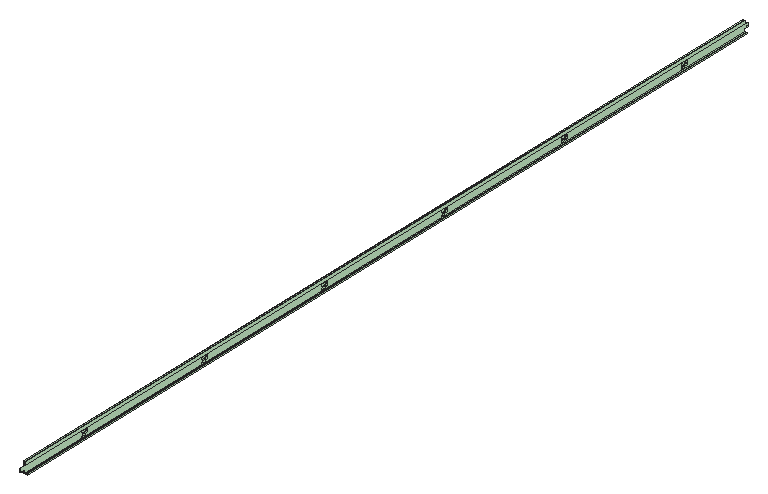
Revit family "eTバー4025メイン(600グリッド用)", category 機械設備, Revit 2020
Family settings
  丸型コネクタ寸法 = 直径を使用
  種別 = なし
  パーツ タイプ = 標準
  作業面ベース = いいえ
  常に垂直 = はい
  ロード時にボイドで切り取り = いいえ
  共有 = いいえ
  部屋計算ポイント = いいえ
Parameters
  製造元 = "株式会社桐井製作所"
  既定の高さ = 0 mm
  URL = "https://www.kirii.co.jp/"
  K_長さ(mm) = 3600 mm
  K_材質 = "溶融亜鉛めっき鋼板及び鋼帯SGCC 一般用　カラー鋼板"
  K_品名 = "eTバー4025メイン(600グリッド用)"
  K_名称 = "Tバー"
  K_入数 = "20"
  K_バージョン情報 = "20220915"
  K_めっき付着量 = "JIS G 3302 Z12、カラー鋼板　塗装膜厚20μ(白色)"
  K_JIS規格 = "JIS G 3302"
Reference planes
  plane 1 "中心(正面/背面)": y = 0
  plane 2: z = 0
  plane 3 "中心(左/右)": x = 0
  plane 4: y = 3600
Forms (mm)
  Extrusion 1, solid
    sketch origin (0, 0, 7.1) x (-1, 0, 0) y (0, 0, 1)
      loop
        line (0.65, 26.539) -> (2.4, 25.702) -> (2.4, 24.9) -> (3.5, 24.9) -> (3.5, 34.9) -> (1.351, 34.9) -> (1.351, 33.4) -> (2.203, 33.4) -> (2.141, 29.141) -> (1.059, 28.059) -> (-0.917, 28) -> (-2.141, 29.141) -> (-2.203, 33.4) -> (-1.351, 33.4) -> (-1.351, 34.9) -> (-3.5, 34.9) -> (-3.5, 24.9) -> (-2.4, 24.9) -> (-2.4, 25.702) -> (-0.65, 26.518) -> (-0.65, -5.4) -> (-2.488, -5.4) -> (-2.488, -4.6) -> (-3.5, -4.6) -> (-3.5, -5.9) -> (-8.5, -5.9) -> (-8.5, -5.1) -> (-12.5, -5.1) -> (-12.5, -7.1) -> (12.5, -7.1) -> (12.5, -5.1) -> (8.5, -5.1) -> (8.5, -5.9) -> (3.5, -5.9) -> (3.5, -4.6) -> (2.4, -4.6) -> (2.4, -5.4) -> (0.65, -5.4) -> (0.65, 26.539)
    from 0 to 3600
  Extrusion 2, solid
    sketch origin (0.65, 0, 30.6) x (0, 0, -1) y (0, 1, 0)
      loop
        line (3.661, 0) -> (3.661, -19.4)
        arc (3.661, -19.4) -> (3.954, -20.107) -> (4.661, -20.4) r 1
        line (4.661, -20.4) -> (16.783, -20.4)
        arc (16.783, -20.4) -> (17.49, -20.107) -> (17.783, -19.4) r 1
        line (17.783, -19.4) -> (17.783, 0) -> (17.783, 21.201) -> (3.661, 21.201) -> (3.661, 0)
    from -1.3 to 0
  Extrusion 3, void
    sketch origin (0.65, 3000, 31.225) x (0, 0, 1) y (0, 1, 0)
      loop
        line (-5.5, 284.4) -> (-5.5, 315.6) -> (-23.1, 315.6) -> (-23.1, 284.4) -> (-5.5, 284.4)
    from 0 to 1.3
  Extrusion 4, void
    sketch origin (0.4, 1800, 31.225) x (0, 0, 1) y (0, 1, 0)
      loop
        line (-5.5, 284.4) -> (-5.5, 315.6) -> (-23.1, 315.6) -> (-23.1, 284.4) -> (-5.5, 284.4)
    from -0.25 to 1.05
  Extrusion 5, void
    sketch origin (0.4, 2400, 31.225) x (0, 0, 1) y (0, 1, 0)
      loop
        line (-5.5, 284.4) -> (-5.5, 315.6) -> (-23.1, 315.6) -> (-23.1, 284.4) -> (-5.5, 284.4)
    from -0.25 to 1.05
  Extrusion 6, void
    sketch origin (0.4, 1200, 31.225) x (0, 0, 1) y (0, 1, 0)
      loop
        line (-5.5, 284.4) -> (-5.5, 315.6) -> (-23.1, 315.6) -> (-23.1, 284.4) -> (-5.5, 284.4)
    from -0.25 to 1.05
  Extrusion 7, void
    sketch origin (0.4, 600, 31.225) x (0, 0, 1) y (0, 1, 0)
      loop
        line (-5.5, 284.4) -> (-5.5, 315.6) -> (-23.1, 315.6) -> (-23.1, 284.4) -> (-5.5, 284.4)
    from -0.4 to 1.05
  Extrusion 8, void
    sketch origin (0.4, 0, 31.225) x (0, 0, 1) y (0, 1, 0)
      loop
        line (-5.5, 284.4) -> (-5.5, 315.6) -> (-23.1, 315.6) -> (-23.1, 284.4) -> (-5.5, 284.4)
    from -0.25 to 1.05
  Extrusion 9, void
    sketch origin (0.65, 0, 38.1) x (0, 0, 1) y (0, 1, 0)
      loop
        line (-17.561, -16.4) -> (-17.561, -9.2) -> (-22.361, -9.2) -> (-22.361, -16.4) -> (-17.561, -16.4)
    from 0 to 1.6
  Extrusion 10, solid
    sketch origin (0.65, 3600, 30.6) x (0, 0, -1) y (0, 1, 0)
      loop
        line (3.661, 0) -> (3.661, -21.201) -> (17.783, -21.201) -> (17.783, 0) -> (17.783, 19.4)
        arc (17.783, 19.4) -> (17.49, 20.107) -> (16.783, 20.4) r 1
        line (16.783, 20.4) -> (4.661, 20.4)
        arc (4.661, 20.4) -> (3.954, 20.107) -> (3.661, 19.4) r 1
        line (3.661, 19.4) -> (3.661, 0)
    from -0.8 to 0
  Extrusion 11, void
    sketch origin (0.65, 3600, 38.1) x (0, 0, 1) y (0, 1, 0)
      loop
        line (-17.561, 16.4) -> (-22.361, 16.4) -> (-22.361, 9.2) -> (-17.561, 9.2) -> (-17.561, 16.4)
    from 0 to 0.8
  Extrusion 12, void
    sketch origin (-0.4, -0.008, 31.538) x (0, 0, 1) y (0, -1, 0)
      loop
        arc (-19.9, -284.4) -> (-14.3, -287.9) -> (-8.7, -284.4) r 6.23
        line (-8.7, -284.4) -> (-19.9, -284.4)
      loop
        arc (-8.7, -297.4) -> (-14.3, -293.9) -> (-19.9, -297.4) r 6.23
        line (-19.9, -297.4) -> (-8.7, -297.4)
    from 1.2 to 3.447
  Extrusion 13, solid
    sketch origin (-0.081, 0, -7.135) x (-1, 0, 0) y (0, 0, -1)
      loop
        line (-0.387, -33.66) -> (-0.387, -32.86) -> (-1.476, -32.86) -> (-1.476, -26.291)
        arc (-1.476, -26.291) -> (-2.487, -24.267) -> (-1.487, -22.238) r 2.545
        line (-1.487, -22.238) -> (-1.487, -15.26) -> (-0.387, -15.26) -> (-0.387, -14.46) -> (-2.087, -14.46) -> (-2.088, -21.96)
        arc (-2.088, -21.96) -> (-3.087, -24.26) -> (-2.087, -26.56) r 3.145
        line (-2.087, -26.56) -> (-2.087, -33.66) -> (-0.387, -33.66)
    from -297.4 to -284.4
  Extrusion 14, void
    sketch origin (0.4, 18.192, 31.538) x (0, 0, 1) y (0, 1, 0)
      loop
        line (-19.9, 284.4) -> (-8.7, 284.4)
        arc (-8.7, 284.4) -> (-14.3, 287.9) -> (-19.9, 284.4) r 6.23
      loop
        line (-8.7, 297.4) -> (-19.9, 297.4)
        arc (-19.9, 297.4) -> (-14.3, 293.9) -> (-8.7, 297.4) r 6.23
    from 1.2 to 3.447
  Extrusion 15, solid
    sketch origin (0.081, 18.2, -7.135) x (1, 0, 0) y (0, 0, 1)
      loop
        line (-0.387, 33.66) -> (-2.087, 33.66) -> (-2.087, 26.56)
        arc (-2.087, 26.56) -> (-3.087, 24.26) -> (-2.088, 21.96) r 3.145
        line (-2.088, 21.96) -> (-2.087, 14.46) -> (-0.387, 14.46) -> (-0.387, 15.26) -> (-1.487, 15.26) -> (-1.487, 22.238)
        arc (-1.487, 22.238) -> (-2.487, 24.267) -> (-1.476, 26.291) r 2.545
        line (-1.476, 26.291) -> (-1.476, 32.86) -> (-0.387, 32.86) -> (-0.387, 33.66)
    from -297.4 to -284.4
  Extrusion 16, void
    sketch origin (-0.4, 599.992, 31.538) x (0, 0, 1) y (0, -1, 0)
      loop
        arc (-19.9, -284.4) -> (-14.3, -287.9) -> (-8.7, -284.4) r 6.23
        line (-8.7, -284.4) -> (-19.9, -284.4)
      loop
        arc (-8.7, -297.4) -> (-14.3, -293.9) -> (-19.9, -297.4) r 6.23
        line (-19.9, -297.4) -> (-8.7, -297.4)
    from 1.2 to 3.447
  Extrusion 17, solid
    sketch origin (-0.081, 600, -7.135) x (-1, 0, 0) y (0, 0, -1)
      loop
        line (-0.387, -33.66) -> (-0.387, -32.86) -> (-1.476, -32.86) -> (-1.476, -26.291)
        arc (-1.476, -26.291) -> (-2.487, -24.267) -> (-1.487, -22.238) r 2.545
        line (-1.487, -22.238) -> (-1.487, -15.26) -> (-0.387, -15.26) -> (-0.387, -14.46) -> (-2.087, -14.46) -> (-2.088, -21.96)
        arc (-2.088, -21.96) -> (-3.087, -24.26) -> (-2.087, -26.56) r 3.145
        line (-2.087, -26.56) -> (-2.087, -33.66) -> (-0.387, -33.66)
    from -297.4 to -284.4
  Extrusion 18, void
    sketch origin (0.4, 618.192, 31.538) x (0, 0, 1) y (0, 1, 0)
      loop
        line (-19.9, 284.4) -> (-8.7, 284.4)
        arc (-8.7, 284.4) -> (-14.3, 287.9) -> (-19.9, 284.4) r 6.23
      loop
        line (-8.7, 297.4) -> (-19.9, 297.4)
        arc (-19.9, 297.4) -> (-14.3, 293.9) -> (-8.7, 297.4) r 6.23
    from 1.2 to 3.447
  Extrusion 19, solid
    sketch origin (0.081, 618.2, -7.135) x (1, 0, 0) y (0, 0, 1)
      loop
        line (-0.387, 33.66) -> (-2.087, 33.66) -> (-2.087, 26.56)
        arc (-2.087, 26.56) -> (-3.087, 24.26) -> (-2.088, 21.96) r 3.145
        line (-2.088, 21.96) -> (-2.087, 14.46) -> (-0.387, 14.46) -> (-0.387, 15.26) -> (-1.487, 15.26) -> (-1.487, 22.238)
        arc (-1.487, 22.238) -> (-2.487, 24.267) -> (-1.476, 26.291) r 2.545
        line (-1.476, 26.291) -> (-1.476, 32.86) -> (-0.387, 32.86) -> (-0.387, 33.66)
    from -297.4 to -284.4
  Extrusion 20, void
    sketch origin (-0.4, 1199.992, 31.538) x (0, 0, 1) y (0, -1, 0)
      loop
        arc (-19.9, -284.4) -> (-14.3, -287.9) -> (-8.7, -284.4) r 6.23
        line (-8.7, -284.4) -> (-19.9, -284.4)
      loop
        arc (-8.7, -297.4) -> (-14.3, -293.9) -> (-19.9, -297.4) r 6.23
        line (-19.9, -297.4) -> (-8.7, -297.4)
    from 1.2 to 3.447
  Extrusion 21, solid
    sketch origin (-0.081, 1200, -7.135) x (-1, 0, 0) y (0, 0, -1)
      loop
        line (-0.387, -33.66) -> (-0.387, -32.86) -> (-1.476, -32.86) -> (-1.476, -26.291)
        arc (-1.476, -26.291) -> (-2.487, -24.267) -> (-1.487, -22.238) r 2.545
        line (-1.487, -22.238) -> (-1.487, -15.26) -> (-0.387, -15.26) -> (-0.387, -14.46) -> (-2.087, -14.46) -> (-2.088, -21.96)
        arc (-2.088, -21.96) -> (-3.087, -24.26) -> (-2.087, -26.56) r 3.145
        line (-2.087, -26.56) -> (-2.087, -33.66) -> (-0.387, -33.66)
    from -297.4 to -284.4
  Extrusion 22, void
    sketch origin (0.4, 1218.192, 31.538) x (0, 0, 1) y (0, 1, 0)
      loop
        line (-19.9, 284.4) -> (-8.7, 284.4)
        arc (-8.7, 284.4) -> (-14.3, 287.9) -> (-19.9, 284.4) r 6.23
      loop
        line (-8.7, 297.4) -> (-19.9, 297.4)
        arc (-19.9, 297.4) -> (-14.3, 293.9) -> (-8.7, 297.4) r 6.23
    from 1.2 to 3.447
  Extrusion 23, solid
    sketch origin (0.081, 1218.2, -7.135) x (1, 0, 0) y (0, 0, 1)
      loop
        line (-0.387, 33.66) -> (-2.087, 33.66) -> (-2.087, 26.56)
        arc (-2.087, 26.56) -> (-3.087, 24.26) -> (-2.088, 21.96) r 3.145
        line (-2.088, 21.96) -> (-2.087, 14.46) -> (-0.387, 14.46) -> (-0.387, 15.26) -> (-1.487, 15.26) -> (-1.487, 22.238)
        arc (-1.487, 22.238) -> (-2.487, 24.267) -> (-1.476, 26.291) r 2.545
        line (-1.476, 26.291) -> (-1.476, 32.86) -> (-0.387, 32.86) -> (-0.387, 33.66)
    from -297.4 to -284.4
  Extrusion 24, void
    sketch origin (-0.4, 1799.992, 31.538) x (0, 0, 1) y (0, -1, 0)
      loop
        arc (-19.9, -284.4) -> (-14.3, -287.9) -> (-8.7, -284.4) r 6.23
        line (-8.7, -284.4) -> (-19.9, -284.4)
      loop
        arc (-8.7, -297.4) -> (-14.3, -293.9) -> (-19.9, -297.4) r 6.23
        line (-19.9, -297.4) -> (-8.7, -297.4)
    from 1.2 to 3.447
  Extrusion 25, solid
    sketch origin (-0.081, 1800, -7.135) x (-1, 0, 0) y (0, 0, -1)
      loop
        line (-0.387, -33.66) -> (-0.387, -32.86) -> (-1.476, -32.86) -> (-1.476, -26.291)
        arc (-1.476, -26.291) -> (-2.487, -24.267) -> (-1.487, -22.238) r 2.545
        line (-1.487, -22.238) -> (-1.487, -15.26) -> (-0.387, -15.26) -> (-0.387, -14.46) -> (-2.087, -14.46) -> (-2.088, -21.96)
        arc (-2.088, -21.96) -> (-3.087, -24.26) -> (-2.087, -26.56) r 3.145
        line (-2.087, -26.56) -> (-2.087, -33.66) -> (-0.387, -33.66)
    from -297.4 to -284.4
  Extrusion 26, void
    sketch origin (0.4, 1818.192, 31.538) x (0, 0, 1) y (0, 1, 0)
      loop
        line (-19.9, 284.4) -> (-8.7, 284.4)
        arc (-8.7, 284.4) -> (-14.3, 287.9) -> (-19.9, 284.4) r 6.23
      loop
        line (-8.7, 297.4) -> (-19.9, 297.4)
        arc (-19.9, 297.4) -> (-14.3, 293.9) -> (-8.7, 297.4) r 6.23
    from 1.2 to 3.447
  Extrusion 27, solid
    sketch origin (0.081, 1818.2, -7.135) x (1, 0, 0) y (0, 0, 1)
      loop
        line (-0.387, 33.66) -> (-2.087, 33.66) -> (-2.087, 26.56)
        arc (-2.087, 26.56) -> (-3.087, 24.26) -> (-2.088, 21.96) r 3.145
        line (-2.088, 21.96) -> (-2.087, 14.46) -> (-0.387, 14.46) -> (-0.387, 15.26) -> (-1.487, 15.26) -> (-1.487, 22.238)
        arc (-1.487, 22.238) -> (-2.487, 24.267) -> (-1.476, 26.291) r 2.545
        line (-1.476, 26.291) -> (-1.476, 32.86) -> (-0.387, 32.86) -> (-0.387, 33.66)
    from -297.4 to -284.4
  Extrusion 28, void
    sketch origin (-0.4, 2399.992, 31.538) x (0, 0, 1) y (0, -1, 0)
      loop
        arc (-19.9, -284.4) -> (-14.3, -287.9) -> (-8.7, -284.4) r 6.23
        line (-8.7, -284.4) -> (-19.9, -284.4)
      loop
        arc (-8.7, -297.4) -> (-14.3, -293.9) -> (-19.9, -297.4) r 6.23
        line (-19.9, -297.4) -> (-8.7, -297.4)
    from 1.2 to 3.447
  Extrusion 29, solid
    sketch origin (-0.081, 2400, -7.135) x (-1, 0, 0) y (0, 0, -1)
      loop
        line (-0.387, -33.66) -> (-0.387, -32.86) -> (-1.476, -32.86) -> (-1.476, -26.291)
        arc (-1.476, -26.291) -> (-2.487, -24.267) -> (-1.487, -22.238) r 2.545
        line (-1.487, -22.238) -> (-1.487, -15.26) -> (-0.387, -15.26) -> (-0.387, -14.46) -> (-2.087, -14.46) -> (-2.088, -21.96)
        arc (-2.088, -21.96) -> (-3.087, -24.26) -> (-2.087, -26.56) r 3.145
        line (-2.087, -26.56) -> (-2.087, -33.66) -> (-0.387, -33.66)
    from -297.4 to -284.4
  Extrusion 30, void
    sketch origin (0.4, 2418.192, 31.538) x (0, 0, 1) y (0, 1, 0)
      loop
        line (-19.9, 284.4) -> (-8.7, 284.4)
        arc (-8.7, 284.4) -> (-14.3, 287.9) -> (-19.9, 284.4) r 6.23
      loop
        line (-8.7, 297.4) -> (-19.9, 297.4)
        arc (-19.9, 297.4) -> (-14.3, 293.9) -> (-8.7, 297.4) r 6.23
    from 1.2 to 3.447
  Extrusion 31, solid
    sketch origin (0.081, 2418.2, -7.135) x (1, 0, 0) y (0, 0, 1)
      loop
        line (-0.387, 33.66) -> (-2.087, 33.66) -> (-2.087, 26.56)
        arc (-2.087, 26.56) -> (-3.087, 24.26) -> (-2.088, 21.96) r 3.145
        line (-2.088, 21.96) -> (-2.087, 14.46) -> (-0.387, 14.46) -> (-0.387, 15.26) -> (-1.487, 15.26) -> (-1.487, 22.238)
        arc (-1.487, 22.238) -> (-2.487, 24.267) -> (-1.476, 26.291) r 2.545
        line (-1.476, 26.291) -> (-1.476, 32.86) -> (-0.387, 32.86) -> (-0.387, 33.66)
    from -297.4 to -284.4
  Extrusion 32, void
    sketch origin (-0.4, 2999.992, 31.538) x (0, 0, 1) y (0, -1, 0)
      loop
        arc (-19.9, -284.4) -> (-14.3, -287.9) -> (-8.7, -284.4) r 6.23
        line (-8.7, -284.4) -> (-19.9, -284.4)
      loop
        arc (-8.7, -297.4) -> (-14.3, -293.9) -> (-19.9, -297.4) r 6.23
        line (-19.9, -297.4) -> (-8.7, -297.4)
    from 1.2 to 3.447
  Extrusion 33, solid
    sketch origin (-0.081, 3000, -7.135) x (-1, 0, 0) y (0, 0, -1)
      loop
        line (-0.387, -33.66) -> (-0.387, -32.86) -> (-1.476, -32.86) -> (-1.476, -26.291)
        arc (-1.476, -26.291) -> (-2.487, -24.267) -> (-1.487, -22.238) r 2.545
        line (-1.487, -22.238) -> (-1.487, -15.26) -> (-0.387, -15.26) -> (-0.387, -14.46) -> (-2.087, -14.46) -> (-2.088, -21.96)
        arc (-2.088, -21.96) -> (-3.087, -24.26) -> (-2.087, -26.56) r 3.145
        line (-2.087, -26.56) -> (-2.087, -33.66) -> (-0.387, -33.66)
    from -297.4 to -284.4
  Extrusion 34, void
    sketch origin (0.4, 3018.192, 31.538) x (0, 0, 1) y (0, 1, 0)
      loop
        line (-19.9, 284.4) -> (-8.7, 284.4)
        arc (-8.7, 284.4) -> (-14.3, 287.9) -> (-19.9, 284.4) r 6.23
      loop
        line (-8.7, 297.4) -> (-19.9, 297.4)
        arc (-19.9, 297.4) -> (-14.3, 293.9) -> (-8.7, 297.4) r 6.23
    from 1.2 to 3.447
  Extrusion 35, solid
    sketch origin (0.081, 3018.2, -7.135) x (1, 0, 0) y (0, 0, 1)
      loop
        line (-0.387, 33.66) -> (-2.087, 33.66) -> (-2.087, 26.56)
        arc (-2.087, 26.56) -> (-3.087, 24.26) -> (-2.088, 21.96) r 3.145
        line (-2.088, 21.96) -> (-2.087, 14.46) -> (-0.387, 14.46) -> (-0.387, 15.26) -> (-1.487, 15.26) -> (-1.487, 22.238)
        arc (-1.487, 22.238) -> (-2.487, 24.267) -> (-1.476, 26.291) r 2.545
        line (-1.476, 26.291) -> (-1.476, 32.86) -> (-0.387, 32.86) -> (-0.387, 33.66)
    from -297.4 to -284.4
Cuts and joins
  Extrusion 3, Extrusion 4, Extrusion 5, Extrusion 6, Extrusion 7, Extrusion 8, Extrusion 9, Extrusion 11 cuts Extrusion 1
  Extrusion 4, Extrusion 5, Extrusion 6, Extrusion 7, Extrusion 8, Extrusion 9, Extrusion 11 cuts Extrusion 2
  Extrusion 11 cuts Extrusion 10
  Extrusion 12 cuts Extrusion 13
  Extrusion 14 cuts Extrusion 15
  Extrusion 16 cuts Extrusion 17
  Extrusion 18 cuts Extrusion 19
  Extrusion 20 cuts Extrusion 21
  Extrusion 22 cuts Extrusion 23
  Extrusion 24 cuts Extrusion 25
  Extrusion 26 cuts Extrusion 27
  Extrusion 28 cuts Extrusion 29
  Extrusion 30 cuts Extrusion 31
  Extrusion 32 cuts Extrusion 33
  Extrusion 34 cuts Extrusion 35
  joined: Extrusion 1, Extrusion 2, Extrusion 10, Extrusion 13, Extrusion 15, Extrusion 17, Extrusion 19, Extrusion 21, Extrusion 23, Extrusion 25, Extrusion 27, Extrusion 29, Extrusion 31, Extrusion 33, Extrusion 35
Dimensions and locks
  plane 4 to plane 1 "中心(正面/背面)" = 3600 mm
  aligned and locked: level to plane 2
  aligned and locked: plane 4 to Extrusion 1
